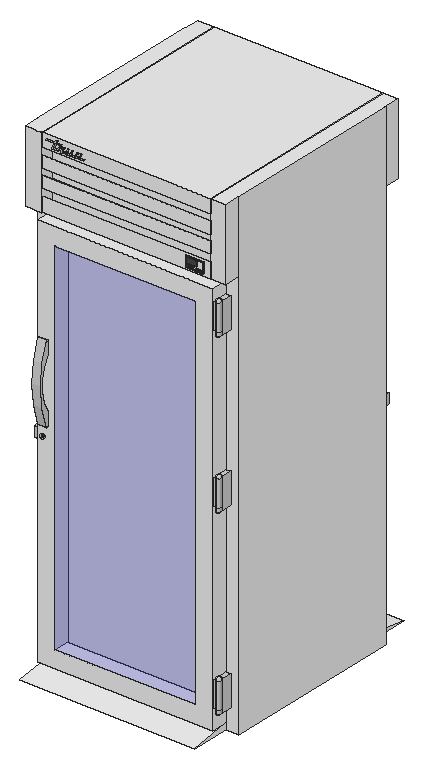
Revit family
Parameters
  Weight in Pounds = 0
  Watts = Volts * FL Amps  # 1023.5 W
  Volts = 115 V
  URL Cutsheet = "www.truemfg.com"
  URL = "www.truemfg.com"
  Type Mark [instance] = ""
  Type Comments = ""
  Status [instance] = ""
  Specification by User [instance] = ""
  Specification by Manufacturer = ""
  Show Logo [instance] = yes
  Show Clearance [instance] = yes
  Serial Number = ""
  Seismic Rating = ""
  SMACNA No = ""
  Revision Code [instance] = ""
  Phase = 1
  Omniclass Number and Title = ""
  Number of Poles [instance] = 1
  NAFEM Spec ID Number = ""
  Model = "STR1RRT-1G-1S"
  Min Ckt Ampacity = 0 A
  Max Overcurrent Protection = 0 A
  Masterspec = ""
  Manufacturer = "TRUE FOOD SERVICE EQUIPMENT, INC."
  Length = 35"
  Item Number [instance] = ""
  Installed By [instance] = ""
  Identify Quantity as Lot [instance] = yes
  Height = 83 3/4"
  HP = "1/3"
  Furnished By [instance] = ""
  Foodservice Equipment Identifier [instance] = yes
  FL Amps = 8.9 A
  Electrical Remarks [instance] = ""
  Electric Connection Type [instance] = ""
  Elec Conn RI Height [instance] = 0"
  Elec Conn Connection Height [instance] = 0"
  Description = "Roll-thru Glass Front/Solid Rear Swing Door Refrigerator"
  Depth = 37 1/2"
  Cycle = 60 Hz
  Conn Plug = "5-15P"
  Conn Conduit = yes
  CSI MasterFormat = ""
  CSI Master Format = ""
  Apparent Power = if(Phase = 3, Volts * FL Amps * 1.73, Volts * FL Amps)  # 1023.5 VA
Reference planes (in)
  plane 1 "BACK": y = 0
  plane 2: z = 0
  plane 3 "LEFT": x = 0
  plane 4 "RIGHT": x = 35
  plane 5 "FRONT": y = -37.5
  plane 6 "TOP": z = 83.75
  plane 7: x = 2.84375
  plane 8: y = -37.4542
  plane 9: x = 32.15625
  plane 10: y = -0.0458
  plane 11: y = -18.75
  plane 12: z = 69.90625
Forms (in)
  Extrusion 1, solid, material "QF_Finishes_Chrome - Satin"
    sketch origin (0.05, 0, 0) x (1, 0, 0) y (0, 1, 0)
      loop
        line (-0.05, -2.75) -> (-0.05, -34.75) -> (2.87859, -34.75) -> (2.87859, -2.75) -> (-0.05, -2.75)
    from 0 to 83.75
  Extrusion 2, solid, material "QF_Finishes_Chrome - Satin"
    sketch origin (50.15, 0, 0) x (1, 0, 0) y (0, 1, 0)
      loop
        line (-17.85, -2.75) -> (-17.85, -34.75) -> (-15.15, -34.75) -> (-15.15, -2.75) -> (-17.85, -2.75)
    from 0 to 83.75
  Extrusion 3, solid, material "QF_Finishes_Chrome - Satin"
    sketch origin (0, 0, 0) x (0, 1, 0) y (0, 0, 1)
      loop
        line (-37.4542, 71.28125) -> (-34.75, 71.28125) -> (-34.75, 0) -> (-2.75, 0) -> (-2.75, 71.28125) -> (-0.0458, 71.28125) -> (-0.0458, 73.81726) -> (-2.25, 72.25) -> (-2.25, 73.52557) -> (-0.0458, 75.09284) -> (-0.0458, 77.18904) -> (-2.25, 75.62178) -> (-2.25, 76.58254) -> (-0.0458, 78.1498) -> (-0.0458, 80.28351) -> (-2.25, 78.71625) -> (-2.25, 79.83852) -> (-0.0458, 81.40578) -> (-0.0458, 83.75) -> (-37.4542, 83.75) -> (-37.4542, 81.40578) -> (-35.25, 79.83852) -> (-35.25, 78.71625) -> (-37.4542, 80.28351) -> (-37.4542, 78.1498) -> (-35.25, 76.58254) -> (-35.25, 75.62178) -> (-37.4542, 77.18904) -> (-37.4542, 75.09284) -> (-35.25, 73.52557) -> (-35.25, 72.25) -> (-37.4542, 73.81726) -> (-37.4542, 71.28125)
    from 2.92859 to 32.3
  Extrusion 4, solid, material "QF_Finishes_Chrome - Satin"
    sketch origin (0, 0, 0) x (1, 0, 0) y (0, 1, 0)
      loop
        line (34.84782, -34.75) -> (32.3, -34.75) -> (32.3, -37.5) -> (34.84782, -37.5) -> (34.84782, -34.75)
      loop
        line (34.84782, -2.75) -> (34.84782, 0) -> (32.3, 0) -> (32.3, -2.75) -> (34.84782, -2.75)
    from 71.28125 to 83.75
  Extrusion 5, solid, material "QF_Finishes_Chrome - Satin"
    sketch origin (-50.125, 0, 0.25) x (1, 0, 0) y (0, 1, 0)
      loop
        line (53.05359, -34.75) -> (50.24109, -34.75) -> (50.24109, -37.5) -> (53.05359, -37.5) -> (53.05359, -34.75)
      loop
        line (53.05359, -2.75) -> (53.05359, 0) -> (50.24109, 0) -> (50.24109, -2.75) -> (53.05359, -2.75)
    from 71.03125 to 83.5
  Extrusion 6, solid, material "QF_Finishes_Handrails and Railings", visible <- "Show Logo"
    sketch origin (0.33478, -2.68623, 4.98732) x (1, 0, 0) y (0, 0, 1)
      loop
        line (3.46044, 78.08731) -> (3.35478, 77.86073) -> (4.76027, 77.86073)
        arc (4.76027, 77.86073) -> (4.78879, 77.81028) -> (4.76027, 77.75984) r 0.05887
        line (4.76027, 77.75984) -> (4.39369, 76.97372)
        arc (4.39369, 76.97372) -> (4.39051, 76.90091) -> (4.43975, 76.84717) r 0.09523
        line (4.43975, 76.84717) -> (5.33844, 76.84717)
        arc (5.33844, 76.84717) -> (5.45192, 76.88295) -> (5.52436, 76.97735) r 0.19785
        line (5.52436, 76.97735) -> (5.81285, 77.59601) -> (6.0779, 77.59601)
        arc (6.0779, 77.59601) -> (6.14744, 77.57043) -> (6.13737, 77.49703) r 0.05911
        line (6.13737, 77.49703) -> (5.89598, 76.97937)
        arc (5.89598, 76.97937) -> (5.89974, 76.8934) -> (5.97231, 76.84717) r 0.09318
        line (5.97231, 76.84717) -> (6.76198, 76.84717)
        arc (6.76198, 76.84717) -> (6.82249, 76.86919) -> (6.85468, 76.92495) r 0.09412
        arc (6.85468, 76.92495) -> (6.87746, 76.86995) -> (6.93246, 76.84717) r 0.07778
        line (6.93246, 76.84717) -> (7.43246, 76.84717)
        arc (7.43246, 76.84717) -> (7.49022, 76.86265) -> (7.53251, 76.90493) r 0.11552
        arc (7.53251, 76.90493) -> (7.55275, 76.85606) -> (7.60162, 76.83581) r 0.06912
        line (7.60162, 76.83581) -> (8.31225, 76.83581)
        arc (8.31225, 76.83581) -> (8.37034, 76.85988) -> (8.39441, 76.91797) r 0.08216
        arc (8.39441, 76.91797) -> (8.44767, 76.86472) -> (8.52042, 76.84522) r 0.14551
        line (8.52042, 76.84522) -> (9.85158, 76.84522) -> (9.99946, 77.10134) -> (8.65678, 77.10134)
        arc (8.65678, 77.10134) -> (8.61972, 77.12704) -> (8.61834, 77.17211) r 0.05009
        line (8.61834, 77.17211) -> (8.64157, 77.22192)
        arc (8.64157, 77.22192) -> (8.67723, 77.26864) -> (8.73327, 77.28635) r 0.09747
        line (8.73327, 77.28635) -> (9.16485, 77.28635)
        arc (9.16485, 77.28635) -> (9.258, 77.31131) -> (9.32619, 77.3795) r 0.1863
        line (9.32619, 77.3795) -> (9.45119, 77.59601)
        arc (9.45119, 77.59601) -> (9.45119, 77.71157) -> (9.35111, 77.76934) r 0.11556
        line (9.35111, 77.76934) -> (8.89562, 77.76934)
        arc (8.89562, 77.76934) -> (8.7795, 77.74962) -> (8.69849, 77.66412) r 0.18605
        line (8.69849, 77.66412) -> (8.48204, 77.19993)
        arc (8.48204, 77.19993) -> (8.41815, 77.11667) -> (8.31806, 77.08511) r 0.1745
        line (8.31806, 77.08511) -> (7.84559, 77.08511)
        arc (7.84559, 77.08511) -> (7.78903, 77.14684) -> (7.79268, 77.23048) r 0.10939
        line (7.79268, 77.23048) -> (8.04395, 77.76934) -> (7.88403, 77.76934) -> (7.61781, 77.19844)
        arc (7.61781, 77.19844) -> (7.56609, 77.13103) -> (7.48505, 77.10548) r 0.14128
        line (7.48505, 77.10548) -> (7.15925, 77.10548)
        arc (7.15925, 77.10548) -> (7.10419, 77.17723) -> (7.116, 77.26689) r 0.11816
        line (7.116, 77.26689) -> (7.3503, 77.76934) -> (7.18514, 77.76934) -> (6.91546, 77.191)
        arc (6.91546, 77.191) -> (6.85285, 77.12839) -> (6.76733, 77.10548) r 0.17104
        line (6.76733, 77.10548) -> (6.29555, 77.10548)
        arc (6.29555, 77.10548) -> (6.21082, 77.14499) -> (6.20267, 77.23813) r 0.0935
        line (6.20267, 77.23813) -> (6.35774, 77.57069) -> (6.57695, 77.57069)
        arc (6.57695, 77.57069) -> (6.61395, 77.68217) -> (6.69267, 77.76934) r 0.2857
        line (6.69267, 77.76934) -> (5.83605, 77.76934)
        arc (5.83605, 77.76934) -> (5.74086, 77.74824) -> (5.67498, 77.67635) r 0.16212
        line (5.67498, 77.67635) -> (5.44279, 77.17841)
        arc (5.44279, 77.17841) -> (5.3894, 77.12502) -> (5.31647, 77.10548) r 0.14586
        line (5.31647, 77.10548) -> (4.80506, 77.10548)
        arc (4.80506, 77.10548) -> (4.76514, 77.15942) -> (4.77274, 77.22609) r 0.09155
        line (4.77274, 77.22609) -> (5.11018, 77.86073) -> (5.96155, 77.86073) -> (6.06721, 78.08731) -> (5.21584, 78.08731) -> (5.32149, 78.31388) -> (5.01862, 78.31388) -> (4.91297, 78.08731) -> (3.46044, 78.08731)
      loop
        arc (8.83805, 77.56363) -> (8.80119, 77.55375) -> (8.7742, 77.52676) r 0.07373
        line (8.7742, 77.52676) -> (8.75229, 77.45936)
        arc (8.75229, 77.45936) -> (8.76245, 77.43483) -> (8.78699, 77.42466) r 0.0347
        line (8.78699, 77.42466) -> (9.15948, 77.42466)
        arc (9.15948, 77.42466) -> (9.18632, 77.43061) -> (9.20812, 77.44734) r 0.0635
        line (9.20812, 77.44734) -> (9.22624, 77.53122)
        arc (9.22624, 77.53122) -> (9.22091, 77.55368) -> (9.20009, 77.56363) r 0.02676
        line (9.20009, 77.56363) -> (8.83805, 77.56363)
    from 34.76797 to 34.83173
  Extrusion 7, solid, material "QF_Finishes_White"
    sketch origin (-22.74812, -2.7042, -7.97497) x (1, 0, 0) y (0, 0, 1)
      loop
        line (50.81732, 81.35727) -> (50.81732, 79.60996) -> (53.72357, 79.60996) -> (53.72357, 81.35727) -> (50.81732, 81.35727)
    from 34.75 to 34.76797
  Extrusion 8, solid, material "QF_Finishes_Black"
    sketch origin (-22.74812, -2.7042, -7.97497) x (1, 0, 0) y (0, 0, 1)
      loop
        line (53.78607, 81.41977) -> (50.75482, 81.41977) -> (50.75482, 79.54746) -> (53.78607, 79.54746) -> (53.78607, 81.41977)
      loop
        spline (50.95482, 79.87872) -> (50.96333, 79.86254) -> (50.98831, 79.84747) -> (51.02804, 79.83452) -> (51.07982, 79.82459) -> (51.14011, 79.81835) -> (51.20482, 79.81622) -> (51.26952, 79.81835) -> (51.32982, 79.82459) -> (51.38159, 79.83452) -> (51.42132, 79.84747) -> (51.4463, 79.86254) -> (51.45482, 79.87872)
        spline (51.45482, 79.87872) -> (51.4463, 79.89489) -> (51.42132, 79.90997) -> (51.38159, 79.92291) -> (51.32982, 79.93284) -> (51.26952, 79.93909) -> (51.20482, 79.94122) -> (51.14011, 79.93909) -> (51.07982, 79.93284) -> (51.02804, 79.92291) -> (50.98831, 79.90997) -> (50.96333, 79.89489) -> (50.95482, 79.87872)
      loop
        spline (51.65083, 79.87872) -> (51.65935, 79.86254) -> (51.68432, 79.84747) -> (51.72405, 79.83452) -> (51.77583, 79.82459) -> (51.83612, 79.81835) -> (51.90083, 79.81622) -> (51.96553, 79.81835) -> (52.02583, 79.82459) -> (52.07761, 79.83452) -> (52.11734, 79.84747) -> (52.14231, 79.86254) -> (52.15083, 79.87872)
        spline (52.15083, 79.87872) -> (52.14231, 79.89489) -> (52.11734, 79.90997) -> (52.07761, 79.92291) -> (52.02583, 79.93284) -> (51.96553, 79.93909) -> (51.90083, 79.94122) -> (51.83612, 79.93909) -> (51.77583, 79.93284) -> (51.72405, 79.92291) -> (51.68432, 79.90997) -> (51.65935, 79.89489) -> (51.65083, 79.87872)
      loop
        spline (52.40083, 79.87872) -> (52.40935, 79.86254) -> (52.43432, 79.84747) -> (52.47405, 79.83452) -> (52.52583, 79.82459) -> (52.58612, 79.81835) -> (52.65083, 79.81622) -> (52.71553, 79.81835) -> (52.77583, 79.82459) -> (52.82761, 79.83452) -> (52.86734, 79.84747) -> (52.89231, 79.86254) -> (52.90083, 79.87872)
        spline (52.90083, 79.87872) -> (52.89231, 79.89489) -> (52.86734, 79.90997) -> (52.82761, 79.92291) -> (52.77583, 79.93284) -> (52.71553, 79.93909) -> (52.65083, 79.94122) -> (52.58612, 79.93909) -> (52.52583, 79.93284) -> (52.47405, 79.92291) -> (52.43432, 79.90997) -> (52.40935, 79.89489) -> (52.40083, 79.87872)
      loop
        line (50.95481, 81.21978) -> (50.95481, 80.21978) -> (52.65433, 80.21978) -> (52.65433, 81.21978) -> (50.95481, 81.21978)
      loop
        line (53.72357, 81.35727) -> (50.81732, 81.35727) -> (50.81732, 79.60996) -> (53.72357, 79.60996) -> (53.72357, 81.35727)
      loop
        spline (53.15083, 79.87872) -> (53.15935, 79.86254) -> (53.18432, 79.84747) -> (53.22405, 79.83452) -> (53.27583, 79.82459) -> (53.33612, 79.81835) -> (53.40083, 79.81622) -> (53.46553, 79.81835) -> (53.52583, 79.82459) -> (53.57761, 79.83452) -> (53.61734, 79.84747) -> (53.64231, 79.86254) -> (53.65083, 79.87872)
        spline (53.65083, 79.87872) -> (53.64231, 79.89489) -> (53.61734, 79.90997) -> (53.57761, 79.92291) -> (53.52583, 79.93284) -> (53.46553, 79.93909) -> (53.40083, 79.94122) -> (53.33612, 79.93909) -> (53.27583, 79.93284) -> (53.22405, 79.92291) -> (53.18432, 79.90997) -> (53.15935, 79.89489) -> (53.15083, 79.87872)
    from 34.76797 to 34.80335
  Extrusion 9, solid
    sketch origin (-25.125, 0, 0) x (1, 0, 0) y (0, 0, 1)
      loop
        circle (56.875, 81.625) r 0.25
    from 0 to 0.0625
  Extrusion 10, solid, material "QF_Finishes_Handrails and Railings"
    sketch origin (33.78125, 0, 3.75) x (0, 1, 0) y (0, 0, -1)
      loop
        line (-34.75, -64.17729) -> (-34.75, -58.86127) -> (-37, -58.86127) -> (-37, -59.57348) -> (-36.56497, -59.57348) -> (-36.56497, -63.97276)
        arc (-36.56497, -63.97276) -> (-36.50506, -64.11738) -> (-36.36044, -64.17729) r 0.20453
        line (-36.36044, -64.17729) -> (-34.75, -64.17729)
    from 0.17506 to 1
  Revolve 11, solid, material "QF_Finishes_Handrails and Railings"
    sketch origin (33.28125, 0, 3.75) x (0, 1, 0) y (0, 0, -1)
      loop
        line (-37.01563, -59.62689) -> (-37.42229, -59.62689) -> (-37.42229, -64.0986)
        arc (-37.42229, -64.0986) -> (-37.28722, -64.35057) -> (-37.01563, -64.43983) r 0.3848
        line (-37.01563, -64.43983) -> (-37.01563, -59.62689)
      loop
        line (-37.01563, -59.57348) -> (-37.01563, -58.67281)
        arc (-37.01563, -58.67281) -> (-37.28264, -58.75883) -> (-37.42229, -59.00212) r 0.38884
        line (-37.42229, -59.00212) -> (-37.42229, -59.57348) -> (-37.01563, -59.57348)
      axis (-37.01563, -58.67281) -> (-37.01563, -64.43983)
    angle from 0 to 360
  Extrusion 12, solid, material "QF_Finishes_Handrails and Railings"
    sketch origin (27.5, -3.82734, 3.7511) x (-1, 0, 0) y (0, 0, -1)
      loop
        line (-5.58509, -64.0986) -> (-5.1875, -64.0986) -> (-5.1875, -59.62579) -> (-5.58509, -59.62579) -> (-5.58509, -64.0986)
    from 32.81497 to 33.59495
  Extrusion 13, solid, material "QF_Finishes_Handrails and Railings"
    sketch origin (33.78125, 0, -24) x (0, 1, 0) y (0, 0, -1)
      loop
        line (-34.75, -64.55229) -> (-34.75, -59.23627) -> (-37, -59.23627) -> (-37, -59.94848) -> (-36.56497, -59.94848) -> (-36.56497, -64.34776)
        arc (-36.56497, -64.34776) -> (-36.50506, -64.49238) -> (-36.36044, -64.55229) r 0.20453
        line (-36.36044, -64.55229) -> (-34.75, -64.55229)
    from 0.17506 to 1
  Revolve 14, solid, material "QF_Finishes_Handrails and Railings"
    sketch origin (33.28125, 0, -24) x (0, 1, 0) y (0, 0, -1)
      loop
        line (-37.01563, -60.00189) -> (-37.42229, -60.00189) -> (-37.42229, -64.4736)
        arc (-37.42229, -64.4736) -> (-37.28722, -64.72557) -> (-37.01563, -64.81483) r 0.3848
        line (-37.01563, -64.81483) -> (-37.01563, -60.00189)
      loop
        line (-37.01563, -59.94848) -> (-37.01563, -59.04781)
        arc (-37.01563, -59.04781) -> (-37.28264, -59.13383) -> (-37.42229, -59.37712) r 0.38884
        line (-37.42229, -59.37712) -> (-37.42229, -59.94848) -> (-37.01563, -59.94848)
      axis (-37.01563, -59.04781) -> (-37.01563, -64.81483)
    angle from 0 to 360
  Extrusion 15, solid, material "QF_Finishes_Handrails and Railings"
    sketch origin (27.5, -3.82734, -23.9989) x (-1, 0, 0) y (0, 0, -1)
      loop
        line (-5.58509, -64.4736) -> (-5.1875, -64.4736) -> (-5.1875, -60.00079) -> (-5.58509, -60.00079) -> (-5.58509, -64.4736)
    from 32.81497 to 33.59495
  Extrusion 16, solid, material "QF_Finishes_Handrails and Railings"
    sketch origin (33.78125, 0, -55.5) x (0, 1, 0) y (0, 0, -1)
      loop
        line (-34.75, -64.55229) -> (-34.75, -59.23627) -> (-37, -59.23627) -> (-37, -59.94848) -> (-36.56497, -59.94848) -> (-36.56497, -64.34776)
        arc (-36.56497, -64.34776) -> (-36.50506, -64.49238) -> (-36.36044, -64.55229) r 0.20453
        line (-36.36044, -64.55229) -> (-34.75, -64.55229)
    from 0.17506 to 1
  Revolve 17, solid, material "QF_Finishes_Handrails and Railings"
    sketch origin (33.28125, 0, -55.5) x (0, 1, 0) y (0, 0, -1)
      loop
        line (-37.01563, -60.00189) -> (-37.42229, -60.00189) -> (-37.42229, -64.4736)
        arc (-37.42229, -64.4736) -> (-37.28722, -64.72557) -> (-37.01563, -64.81483) r 0.3848
        line (-37.01563, -64.81483) -> (-37.01563, -60.00189)
      loop
        line (-37.01563, -59.94848) -> (-37.01563, -59.04781)
        arc (-37.01563, -59.04781) -> (-37.28264, -59.13383) -> (-37.42229, -59.37712) r 0.38884
        line (-37.42229, -59.37712) -> (-37.42229, -59.94848) -> (-37.01563, -59.94848)
      axis (-37.01563, -59.04781) -> (-37.01563, -64.81483)
    angle from 0 to 360
  Extrusion 18, solid, material "QF_Finishes_Handrails and Railings"
    sketch origin (27.5, -3.82734, -55.4989) x (-1, 0, 0) y (0, 0, -1)
      loop
        line (-5.58509, -64.4736) -> (-5.1875, -64.4736) -> (-5.1875, -60.00079) -> (-5.58509, -60.00079) -> (-5.58509, -64.4736)
    from 32.81497 to 33.59495
  Extrusion 19, solid, material "QF_Finishes_Door Clearance", visible <- "Show Clearance", detail levels coarse
    sketch origin (26.42841, -3.6098, 0) x (1, 0, 0) y (0, 1, 0)
      loop
        line (6.32159, -33.8902) -> (-24.14716, -33.8902)
        arc (-24.14716, -33.8902) -> (-15.22307, -55.43486) -> (6.32159, -64.35895) r 30.46875
        line (6.32159, -64.35895) -> (6.32159, -33.8902)
    from 1 to 69.90625
  Extrusion 20, solid, material "QF_Finishes_Chrome - Satin"
    sketch origin (32.6875, -3.75, 8.03125) x (0, 0, 1) y (0, -1, 0)
      loop
        line (-8.03125, 37.6875) -> (-8.03125, 31) -> (-7.03125, 31) -> (-8.03125, 37.6875)
    from 0 to -30.40625
  Extrusion 21, solid, material "QF_Finishes_Chrome - Satin"
    sketch origin (59.96875, -33.75, -0.71875) x (-1, 0, 0) y (0, 0, 1)
      loop
        line (27.25, 1.71875) -> (57.65625, 1.71875) -> (57.65625, 70.625) -> (27.25, 70.625) -> (27.25, 1.71875)
    from 31 to 33.75
  Extrusion 22, solid, material "QF_Finishes_Handrails and Railings"
    sketch origin (-23.625, -37.25, 24.93519) x (-1, 0, 0) y (0, -1, 0)
      loop
        line (-53.875, -37.25) -> (-53.875, -37.45)
        arc (-53.875, -37.45) -> (-47.075, -38.65628) -> (-40.275, -37.45) r 19.76948
        line (-40.275, -37.45) -> (-40.275, -37.25) -> (-42.675, -37.25)
        arc (-42.675, -37.25) -> (-47.075, -38.40816) -> (-51.475, -37.25) r 8.93715
        line (-51.475, -37.25) -> (-53.875, -37.25)
    from 10.87731 to 12.37731
  Extrusion 23, solid, material "QF_Finishes_Handrails and Railings"
    sketch origin (58.375, -33.66533, -3.5) x (-1, 0, 0) y (0, 0, 1)
      loop
        circle (26.4375, 40.0625) r 0.35
      loop
        line (26.47265, 40.33635) -> (26.41715, 40.33635) -> (26.41715, 39.76895) -> (26.47265, 39.76895) -> (26.47265, 40.33635)
    from 33.5 to 33.83066
  Blend 24, solid, material "QF_Finishes_Handrails and Railings"
    base sketch origin (7.46875, -33.75, -1.5) x (1, 0, 0) y (0, 0, -1)
      loop
        line (25.25, -38.99169) -> (26, -38.99169) -> (26, -37.24169) -> (25.25, -37.24169) -> (25.25, -38.99169)
    top sketch origin (7.46875, -37.5, -1.5) x (1, 0, 0) y (0, 0, -1)
      loop
        line (26.18223, -36.6441) -> (25.25, -36.6441) -> (25.25, -39.42643) -> (26.18223, -39.42643) -> (26.18223, -36.6441)
    from 33.57883 to 34.75
  Extrusion 25, solid, material "QF_Finishes_Handrails and Railings"
    sketch origin (1.21875, -37.5, 3.75) x (0, -1, 0) y (0, 0, -1)
      loop
        line (-34.75, -64.17729) -> (-34.75, -58.86127) -> (-37, -58.86127) -> (-37, -59.57348) -> (-36.56497, -59.57348) -> (-36.56497, -63.97276)
        arc (-36.56497, -63.97276) -> (-36.50506, -64.11738) -> (-36.36044, -64.17729) r 0.20453
        line (-36.36044, -64.17729) -> (-34.75, -64.17729)
    from 0.17506 to 1
  Revolve 26, solid, material "QF_Finishes_Handrails and Railings"
    sketch origin (1.71875, -37.5, 3.75) x (0, -1, 0) y (0, 0, -1)
      loop
        line (-37.01563, -59.62689) -> (-37.42229, -59.62689) -> (-37.42229, -64.0986)
        arc (-37.42229, -64.0986) -> (-37.28722, -64.35057) -> (-37.01563, -64.43983) r 0.3848
        line (-37.01563, -64.43983) -> (-37.01563, -59.62689)
      loop
        line (-37.01563, -59.57348) -> (-37.01563, -58.67281)
        arc (-37.01563, -58.67281) -> (-37.28264, -58.75883) -> (-37.42229, -59.00212) r 0.38884
        line (-37.42229, -59.00212) -> (-37.42229, -59.57348) -> (-37.01563, -59.57348)
      axis (-37.01563, -58.67281) -> (-37.01563, -64.43983)
    angle from 0 to 360
  Extrusion 27, solid, material "QF_Finishes_Handrails and Railings"
    sketch origin (7.5, -33.67266, 3.7511) x (1, 0, 0) y (0, 0, -1)
      loop
        line (-5.58509, -64.0986) -> (-5.1875, -64.0986) -> (-5.1875, -59.62579) -> (-5.58509, -59.62579) -> (-5.58509, -64.0986)
    from 32.81497 to 33.59495
  Extrusion 28, solid, material "QF_Finishes_Handrails and Railings"
    sketch origin (1.21875, -37.5, -24) x (0, -1, 0) y (0, 0, -1)
      loop
        line (-34.75, -64.55229) -> (-34.75, -59.23627) -> (-37, -59.23627) -> (-37, -59.94848) -> (-36.56497, -59.94848) -> (-36.56497, -64.34776)
        arc (-36.56497, -64.34776) -> (-36.50506, -64.49238) -> (-36.36044, -64.55229) r 0.20453
        line (-36.36044, -64.55229) -> (-34.75, -64.55229)
    from 0.17506 to 1
  Revolve 29, solid, material "QF_Finishes_Handrails and Railings"
    sketch origin (1.71875, -37.5, -24) x (0, -1, 0) y (0, 0, -1)
      loop
        line (-37.01563, -60.00189) -> (-37.42229, -60.00189) -> (-37.42229, -64.4736)
        arc (-37.42229, -64.4736) -> (-37.28722, -64.72557) -> (-37.01563, -64.81483) r 0.3848
        line (-37.01563, -64.81483) -> (-37.01563, -60.00189)
      loop
        line (-37.01563, -59.94848) -> (-37.01563, -59.04781)
        arc (-37.01563, -59.04781) -> (-37.28264, -59.13383) -> (-37.42229, -59.37712) r 0.38884
        line (-37.42229, -59.37712) -> (-37.42229, -59.94848) -> (-37.01563, -59.94848)
      axis (-37.01563, -59.04781) -> (-37.01563, -64.81483)
    angle from 0 to 360
  Extrusion 30, solid, material "QF_Finishes_Handrails and Railings"
    sketch origin (7.5, -33.67266, -23.9989) x (1, 0, 0) y (0, 0, -1)
      loop
        line (-5.58509, -64.4736) -> (-5.1875, -64.4736) -> (-5.1875, -60.00079) -> (-5.58509, -60.00079) -> (-5.58509, -64.4736)
    from 32.81497 to 33.59495
  Extrusion 31, solid, material "QF_Finishes_Handrails and Railings"
    sketch origin (1.21875, -37.5, -55.5) x (0, -1, 0) y (0, 0, -1)
      loop
        line (-34.75, -64.55229) -> (-34.75, -59.23627) -> (-37, -59.23627) -> (-37, -59.94848) -> (-36.56497, -59.94848) -> (-36.56497, -64.34776)
        arc (-36.56497, -64.34776) -> (-36.50506, -64.49238) -> (-36.36044, -64.55229) r 0.20453
        line (-36.36044, -64.55229) -> (-34.75, -64.55229)
    from 0.17506 to 1
  Revolve 32, solid, material "QF_Finishes_Handrails and Railings"
    sketch origin (1.71875, -37.5, -55.5) x (0, -1, 0) y (0, 0, -1)
      loop
        line (-37.01563, -60.00189) -> (-37.42229, -60.00189) -> (-37.42229, -64.4736)
        arc (-37.42229, -64.4736) -> (-37.28722, -64.72557) -> (-37.01563, -64.81483) r 0.3848
        line (-37.01563, -64.81483) -> (-37.01563, -60.00189)
      loop
        line (-37.01563, -59.94848) -> (-37.01563, -59.04781)
        arc (-37.01563, -59.04781) -> (-37.28264, -59.13383) -> (-37.42229, -59.37712) r 0.38884
        line (-37.42229, -59.37712) -> (-37.42229, -59.94848) -> (-37.01563, -59.94848)
      axis (-37.01563, -59.04781) -> (-37.01563, -64.81483)
    angle from 0 to 360
  Extrusion 33, solid, material "QF_Finishes_Handrails and Railings"
    sketch origin (7.5, -33.67266, -55.4989) x (1, 0, 0) y (0, 0, -1)
      loop
        line (-5.58509, -64.4736) -> (-5.1875, -64.4736) -> (-5.1875, -60.00079) -> (-5.58509, -60.00079) -> (-5.58509, -64.4736)
    from 32.81497 to 33.59495
  Extrusion 34, solid, material "QF_Finishes_Door Clearance", visible <- "Show Clearance", detail levels coarse
    sketch origin (8.57159, -33.8902, 0) x (-1, 0, 0) y (0, -1, 0)
      loop
        line (6.32159, -33.8902) -> (-24.14716, -33.8902)
        arc (-24.14716, -33.8902) -> (-15.22307, -55.43486) -> (6.32159, -64.35895) r 30.46875
        line (6.32159, -64.35895) -> (6.32159, -33.8902)
    from 1 to 69.90625
  Extrusion 35, solid, material "QF_Finishes_Chrome - Satin"
    sketch origin (2.3125, -33.75, 8.03125) x (0, 0, 1) y (0, 1, 0)
      loop
        line (-8.03125, 37.6875) -> (-8.03125, 31) -> (-7.03125, 31) -> (-8.03125, 37.6875)
    from 0 to -30.40625
  Extrusion 36, solid, material "QF_Finishes_Chrome - Satin"
    sketch origin (-24.96875, -3.75, -0.71875) x (1, 0, 0) y (0, 0, 1)
      loop
        line (27.25, 1.71875) -> (57.65625, 1.71875) -> (57.65625, 70.625) -> (27.25, 70.625) -> (27.25, 1.71875)
      loop
        line (30.25, 67.625) -> (30.25, 4.71875) -> (54.65625, 4.71875) -> (54.65625, 67.625) -> (30.25, 67.625)
    from 31 to 33.75
  Extrusion 37, solid, material "QF_Finishes_Handrails and Railings"
    sketch origin (-8.46528, -0.25, 92.11162) x (0, 1, 0) y (0, 0, 1)
      loop
        line (-37.25, -53.875) -> (-37.25, -51.475)
        arc (-37.25, -51.475) -> (-38.40816, -47.075) -> (-37.25, -42.675) r 8.93713
        line (-37.25, -42.675) -> (-37.25, -40.275) -> (-37.45, -40.275)
        arc (-37.45, -40.275) -> (-38.65633, -47.075) -> (-37.45, -53.875) r 19.7687
        line (-37.45, -53.875) -> (-37.25, -53.875)
    from 10.87731 to 12.37731
  Extrusion 38, solid, material "QF_Finishes_Handrails and Railings"
    sketch origin (-23.3125, -3.83467, -3.5) x (1, 0, 0) y (0, 0, 1)
      loop
        circle (26.4375, 40.0625) r 0.35
      loop
        line (26.47265, 40.33635) -> (26.41715, 40.33635) -> (26.41715, 39.76895) -> (26.47265, 39.76895) -> (26.47265, 40.33635)
    from 33.5 to 33.83066
  Blend 39, solid, material "QF_Finishes_Handrails and Railings"
    base sketch origin (27.53125, -3.75, -1.5) x (-1, 0, 0) y (0, 0, -1)
      loop
        line (25.25, -38.99169) -> (26, -38.99169) -> (26, -37.24169) -> (25.25, -37.24169) -> (25.25, -38.99169)
    top sketch origin (27.53125, 0, -1.5) x (-1, 0, 0) y (0, 0, -1)
      loop
        line (26.18223, -36.6441) -> (25.25, -36.6441) -> (25.25, -39.42643) -> (26.18223, -39.42643) -> (26.18223, -36.6441)
    from 33.57883 to 34.75
  Extrusion 40, solid, material "Glass"
    sketch origin (-24.96875, -3.75, -0.71875) x (1, 0, 0) y (0, 0, 1)
      loop
        line (30.25, 67.625) -> (30.25, 4.71875) -> (54.65625, 4.71875) -> (54.65625, 67.625) -> (30.25, 67.625)
    from 31 to 33.75
Cuts and joins
  joined: Extrusion 1, Extrusion 2, Extrusion 4, Extrusion 5
Lines and regions (in)
  symbolic lines
    curve 1: line (0, 0, 0) -> (35, 0, 0)
    curve 2: line (0, -37.5, 0) -> (0, 0, 0)
    curve 3: line (35, -37.5, 0) -> (0, -37.5, 0)
    curve 4: line (35, 0, 0) -> (35, -37.5, 0)
    curve 5: line (35, -35.25, 0) -> (0, -35.25, 0)
    curve 10: line (16.65, 0.2, 0) -> (16.65, 0, 0)
    curve 11: line (30.25, 0, 0) -> (30.25, 0.2, 0)
    curve 12: arc (19.05, 0, 0) -> (23.45, 1.15816, 0) -> (27.85, 0, 0) r 8.93715
    curve 13: arc (30.25, 0.2, 0) -> (23.45, 1.40628, 0) -> (16.65, 0.2, 0) r 19.76948
    curve 14: line (35, -2.25, 0) -> (0, -2.25, 0)
    curve 15: line (3.91203, -38.90633, 0) -> (3.91203, -37.5, 0)
    curve 16: line (3.91203, -38.90633, 0) -> (2.41203, -38.90633, 0)
    curve 17: line (2.41203, -37.5, 0) -> (2.41203, -38.90633, 0)
    curve 18: line (2.41203, -37.7, 0) -> (3.91203, -37.7, 0)
  symbolic lines, style "QF-Door Swings", visible <- "Show Clearance", detail levels coarse
    curve 6: line (32.75, -37.5, 0) -> (32.75, -67.96875, 0)
    curve 7: arc (32.75, -67.96875, 0) -> (11.20534, -59.04466, 0) -> (2.28125, -37.5, 0) r 30.46875
    curve 8: line (2.25, 0, 0) -> (2.25, 30.46875, 0)
    curve 9: arc (2.25, 30.46875, 0) -> (23.79466, 21.54466, 0) -> (32.71875, 0, 0) r 30.46875
Dimensions and locks (in)
  "Depth": plane 5 "FRONT" to plane 1 "BACK"
  plane 6 "TOP" to level = 83 3/4"  (x2)
  "Length": plane 3 "LEFT" to plane 4 "RIGHT"
  plane 4 "RIGHT" to plane 3 "LEFT" = 35"
  plane 5 "FRONT" to plane 1 "BACK" = 37 1/2"
  Extrusion 21 sketch curve to Extrusion 21 sketch curve = 30 13/32"
  plane 12 to level = 69 29/32"
  Extrusion 36 sketch curve to Extrusion 36 sketch curve = 30 13/32"
  aligned and locked: level to plane 2
Automatic sketch dimensions
  Extrusion 35 sketch curve to Extrusion 21 = 0"
  Extrusion 35 sketch curve to Extrusion 35 sketch curve = 1"
  Extrusion 35 sketch curve to Extrusion 21 = 3 15/16"
  Extrusion 1 sketch curve to plane 3 "LEFT" = 0"
  plane 1 "BACK" to Extrusion 1 sketch curve = 2 3/4"
  plane 7 to Extrusion 1 sketch curve = 0.08484"
  Extrusion 1 sketch curve to plane 5 "FRONT" = 2 3/4"
  plane 1 "BACK" to Extrusion 2 sketch curve = 2 3/4"
  Extrusion 2 sketch curve to plane 4 "RIGHT" = 0"
  Extrusion 2 sketch curve to plane 9 = 0.14375"
  Extrusion 2 sketch curve to plane 5 "FRONT" = 2 3/4"
  Extrusion 3 sketch curve to plane 8 = 0"  (x4)
  Extrusion 3 sketch curve to level = 0"
  Extrusion 3 sketch curve to plane 10 = 0"  (x4)
  Extrusion 3 sketch curve to plane 6 "TOP" = 0"
  plane 8 to Extrusion 3 sketch curve = 2.2042"
  Extrusion 3 sketch curve to Extrusion 3 sketch curve = 0"  (x3)
  plane 8 to Extrusion 3 sketch curve = 2.7042"
  Extrusion 3 sketch curve to Extrusion 3 sketch curve = 2.7042"
  plane 10 to Extrusion 3 sketch curve = 2.2042"
  Extrusion 3 sketch curve to Extrusion 3 sketch curve = 1/2"
  Extrusion 3 sketch curve to plane 6 "TOP" = 12 15/32"  (x2)
  Extrusion 3 sketch curve to Extrusion 3 sketch curve = 31/32"  (x2)
  Extrusion 3 sketch curve to Extrusion 3 sketch curve = 1.27557"  (x4)
  Extrusion 3 sketch curve to Extrusion 3 sketch curve = 0.29169"  (x2)
  Extrusion 3 sketch curve to Extrusion 3 sketch curve = 2.0962"  (x4)
  Extrusion 3 sketch curve to Extrusion 3 sketch curve = 0.96076"  (x4)
  Extrusion 3 sketch curve to Extrusion 3 sketch curve = 2.13371"  (x4)
  Extrusion 3 sketch curve to Extrusion 3 sketch curve = 1.12227"  (x4)
  plane 7 to Extrusion 6 sketch curve = 0.84582"
  Extrusion 6 sketch curve to Extrusion 6 sketch curve = 0.10565"  (x5)
  Extrusion 6 sketch curve to Extrusion 6 sketch curve = 1.03891"
  Extrusion 6 sketch curve to Extrusion 6 sketch curve = 0.04606"
  Extrusion 6 sketch curve to Extrusion 6 sketch curve = 0.08631"
  Extrusion 6 sketch curve to Extrusion 6 sketch curve = 0.33624"
  Extrusion 6 sketch curve to Extrusion 6 sketch curve = 0.03034"  (x2)
  Extrusion 6 sketch curve to Extrusion 6 sketch curve = 0.29274"
  Extrusion 6 sketch curve to Extrusion 6 sketch curve = 0.03232"
  Extrusion 6 sketch curve to Extrusion 6 sketch curve = 0.04851"
  Extrusion 6 sketch curve to plane 6 "TOP" = 0.67537"
  Extrusion 6 sketch curve to Extrusion 6 sketch curve = 0.1527"
  Extrusion 6 sketch curve to plane 6 "TOP" = 0.4488"
  Extrusion 6 sketch curve to Extrusion 6 sketch curve = 0.19721"
  Extrusion 6 sketch curve to Extrusion 6 sketch curve = 0.4629"
  Extrusion 6 sketch curve to Extrusion 6 sketch curve = 0.02197"
  Extrusion 6 sketch curve to Extrusion 6 sketch curve = 0.12632"
  Extrusion 6 sketch curve to Extrusion 6 sketch curve = 0.18591"
  Extrusion 6 sketch curve to plane 6 "TOP" = 1.08633"
  Extrusion 6 sketch curve to Extrusion 6 sketch curve = 0.2322"
  Extrusion 6 sketch curve to Extrusion 6 sketch curve = 0.13786"
  Extrusion 6 sketch curve to Extrusion 6 sketch curve = 0.00907"
  Extrusion 6 sketch curve to Extrusion 6 sketch curve = 0.01413"
  Extrusion 6 sketch curve to Extrusion 6 sketch curve = 0.37162"
  Extrusion 6 sketch curve to plane 6 "TOP" = 0.90195"
  Extrusion 6 sketch curve to Extrusion 6 sketch curve = 0.12551"
  Extrusion 6 sketch curve to Extrusion 6 sketch curve = 0.07633"
  Extrusion 6 sketch curve to Extrusion 6 sketch curve = 0.08445"
  Extrusion 6 sketch curve to Extrusion 6 sketch curve = 0.25598"
  Extrusion 6 sketch curve to Extrusion 6 sketch curve = 0.01887"
  Extrusion 6 sketch curve to Extrusion 6 sketch curve = 0.04061"
  Extrusion 6 sketch curve to plane 6 "TOP" = 1.52455"
  Extrusion 6 sketch curve to Extrusion 6 sketch curve = 0.0653"
  Extrusion 6 sketch curve to Extrusion 6 sketch curve = 0.08474"
  Extrusion 6 sketch curve to Extrusion 6 sketch curve = 0.00815"
  Extrusion 6 sketch curve to Extrusion 6 sketch curve = 0.22037"
  Extrusion 6 sketch curve to Extrusion 6 sketch curve = 0.21921"
  Extrusion 6 sketch curve to Extrusion 6 sketch curve = 0.11572"
  Extrusion 6 sketch curve to Extrusion 6 sketch curve = 0.46643"
  Extrusion 6 sketch curve to Extrusion 6 sketch curve = 0.00535"
  Extrusion 6 sketch curve to Extrusion 6 sketch curve = 0.09269"
  Extrusion 6 sketch curve to Extrusion 6 sketch curve = 0.09348"
  Extrusion 6 sketch curve to Extrusion 6 sketch curve = 0.14812"
  Extrusion 6 sketch curve to Extrusion 6 sketch curve = 0.07778"
  Extrusion 6 sketch curve to Extrusion 6 sketch curve = 0.20054"
  Extrusion 6 sketch curve to Extrusion 6 sketch curve = 0.04325"
  Extrusion 6 sketch curve to plane 6 "TOP" = 0.99334"  (x2)
  Extrusion 6 sketch curve to Extrusion 6 sketch curve = 0.32433"
  Extrusion 6 sketch curve to Extrusion 6 sketch curve = 0.10233"  (x2)
  Extrusion 6 sketch curve to Extrusion 6 sketch curve = 0.16515"
  Extrusion 6 sketch curve to Extrusion 6 sketch curve = 0.27321"
  Extrusion 6 sketch curve to Extrusion 6 sketch curve = 0.0526"
  Extrusion 6 sketch curve to Extrusion 6 sketch curve = 0.10005"
  Extrusion 6 sketch curve to Extrusion 6 sketch curve = 0.06912"
  Extrusion 6 sketch curve to Extrusion 6 sketch curve = 0.13276"
  Extrusion 6 sketch curve to plane 6 "TOP" = 1.5322"
  Extrusion 6 sketch curve to Extrusion 6 sketch curve = 0.17486"
  Extrusion 6 sketch curve to Extrusion 6 sketch curve = 0.05291"
  Extrusion 6 sketch curve to Extrusion 6 sketch curve = 0.53374"
  Extrusion 6 sketch curve to Extrusion 6 sketch curve = 0.09914"
  Extrusion 6 sketch curve to Extrusion 6 sketch curve = 0.15992"
  Extrusion 6 sketch curve to Extrusion 6 sketch curve = 0.46666"
  Extrusion 6 sketch curve to Extrusion 6 sketch curve = 0.00582"
  Extrusion 6 sketch curve to Extrusion 6 sketch curve = 0.08216"
  Extrusion 6 sketch curve to Extrusion 6 sketch curve = 0.16397"
  Extrusion 6 sketch curve to Extrusion 6 sketch curve = 0.12601"
  Extrusion 6 sketch curve to plane 6 "TOP" = 1.59057"
  Extrusion 6 sketch curve to Extrusion 6 sketch curve = 0.1363"
  Extrusion 6 sketch curve to plane 6 "TOP" = 1.54076"
  Extrusion 6 sketch curve to Extrusion 6 sketch curve = 0.02323"
  Extrusion 6 sketch curve to Extrusion 6 sketch curve = 0.03844"
  Extrusion 6 sketch curve to Extrusion 6 sketch curve = 0.0454"
  Extrusion 6 sketch curve to Extrusion 6 sketch curve = 0.05693"
  Extrusion 6 sketch curve to Extrusion 6 sketch curve = 0.0917"
  Extrusion 6 sketch curve to Extrusion 6 sketch curve = 0.01902"
  Extrusion 6 sketch curve to Extrusion 6 sketch curve = 0.02191"
  Extrusion 6 sketch curve to Extrusion 6 sketch curve = 0.0347"
  Extrusion 6 sketch curve to Extrusion 6 sketch curve = 0.06385"
  Extrusion 6 sketch curve to Extrusion 6 sketch curve = 0.02906"
  Extrusion 6 sketch curve to Extrusion 6 sketch curve = 0.02851"
  Extrusion 6 sketch curve to Extrusion 6 sketch curve = 0.29237"
  Extrusion 6 sketch curve to Extrusion 6 sketch curve = 0.00537"
  Extrusion 6 sketch curve to Extrusion 6 sketch curve = 0.0406"
  Extrusion 6 sketch curve to plane 6 "TOP" = 1.31534"
  Extrusion 6 sketch curve to Extrusion 6 sketch curve = 0.04327"
  Extrusion 6 sketch curve to Extrusion 6 sketch curve = 0.02615"
  Extrusion 6 sketch curve to plane 6 "TOP" = 1.38318"
  Extrusion 6 sketch curve to Extrusion 6 sketch curve = 0.11806"
  Extrusion 6 sketch curve to Extrusion 6 sketch curve = 0.15103"
  Extrusion 6 sketch curve to Extrusion 6 sketch curve = 0.10007"
  Extrusion 6 sketch curve to Extrusion 6 sketch curve = 0.5254"
  Extrusion 6 sketch curve to plane 6 "TOP" = 1.66134"
  Extrusion 6 sketch curve to Extrusion 6 sketch curve = 0.14787"
  Extrusion 6 sketch curve to Extrusion 6 sketch curve = 0.14537"
  Extrusion 6 sketch curve to Extrusion 6 sketch curve = 0.63134"
  Extrusion 6 sketch curve to Extrusion 6 sketch curve = 0.11061"
  Extrusion 6 sketch curve to Extrusion 6 sketch curve = 0.25876"
  Extrusion 6 sketch curve to Extrusion 6 sketch curve = 0.06767"
  Extrusion 6 sketch curve to Extrusion 6 sketch curve = 0.12655"
  Extrusion 6 sketch curve to Extrusion 6 sketch curve = 0.12242"
  Extrusion 6 sketch curve to Extrusion 6 sketch curve = 0.29684"
  Extrusion 6 sketch curve to Extrusion 6 sketch curve = 0.03938"
  Extrusion 6 sketch curve to Extrusion 6 sketch curve = 0.06046"
  Extrusion 6 sketch curve to Extrusion 6 sketch curve = 0.13266"
  Extrusion 6 sketch curve to Extrusion 6 sketch curve = 0.14279"
  Extrusion 6 sketch curve to Extrusion 6 sketch curve = 0.07293"
  Extrusion 6 sketch curve to Extrusion 6 sketch curve = 0.07764"
  Extrusion 6 sketch curve to Extrusion 6 sketch curve = 0.03794"
  Extrusion 6 sketch curve to Extrusion 6 sketch curve = 0.08552"
  Extrusion 6 sketch curve to Extrusion 6 sketch curve = 0.09296"
  Extrusion 6 sketch curve to Extrusion 6 sketch curve = 0.02781"
  Extrusion 6 sketch curve to Extrusion 6 sketch curve = 0.04799"
  Extrusion 6 sketch curve to Extrusion 6 sketch curve = 0.03054"
  Extrusion 6 sketch curve to Extrusion 6 sketch curve = 0.2589"
  Extrusion 6 sketch curve to Extrusion 6 sketch curve = 0.0674"
  Extrusion 6 sketch curve to Extrusion 6 sketch curve = 0.0324"
  Extrusion 6 sketch curve to Extrusion 6 sketch curve = 0.26185"
  Extrusion 6 sketch curve to Extrusion 6 sketch curve = 11/256"
  Extrusion 6 sketch curve to Extrusion 6 sketch curve = 0.07366"
  Extrusion 6 sketch curve to Extrusion 6 sketch curve = 0.02187"
  Extrusion 6 sketch curve to Extrusion 6 sketch curve = 0.06479"
  Extrusion 6 sketch curve to Extrusion 6 sketch curve = 0.05778"
  Extrusion 6 sketch curve to Extrusion 6 sketch curve = 0.32747"
  Extrusion 6 sketch curve to Extrusion 6 sketch curve = 0.05045"
  Extrusion 6 sketch curve to Extrusion 6 sketch curve = 29/128"
  plane 9 to Extrusion 7 sketch curve = 4.08705"
  plane 9 to Extrusion 7 sketch curve = 1.1808"
  Extrusion 7 sketch curve to plane 6 "TOP" = 12.11501"
  Extrusion 7 sketch curve to Extrusion 7 sketch curve = 1.74732"
  plane 9 to Extrusion 8 sketch curve = 4.14955"
  Extrusion 8 sketch curve to Extrusion 8 sketch curve = 1/16"  (x4)
  Extrusion 8 sketch curve to Extrusion 8 sketch curve = 0.1375"  (x3)
  Extrusion 8 sketch curve to Extrusion 8 sketch curve = 1/4"  (x4)
  Extrusion 8 sketch curve to Extrusion 8 sketch curve = 0.44601"
  Extrusion 8 sketch curve to Extrusion 8 sketch curve = 1/2"  (x2)
  Extrusion 8 sketch curve to Extrusion 8 sketch curve = 0.0035"
  Extrusion 8 sketch curve to Extrusion 8 sketch curve = 1.06923"
  Extrusion 8 sketch curve to plane 6 "TOP" = 12.17751"
  Extrusion 8 sketch curve to Extrusion 8 sketch curve = 0.26876"  (x2)
  Extrusion 8 sketch curve to Extrusion 8 sketch curve = 0"  (x2)
  Extrusion 8 sketch curve to Extrusion 8 sketch curve = 0.34106"
  Extrusion 8 sketch curve to Extrusion 8 sketch curve = 1"
  plane 9 to Extrusion 9 sketch curve = 13/32"
  Extrusion 9 sketch curve to plane 6 "TOP" = 2 1/8"
  Extrusion 10 sketch curve to plane 5 "FRONT" = 1/2"
  Extrusion 10 sketch curve to Extrusion 10 sketch curve = 0.43503"
  Extrusion 10 sketch curve to Extrusion 10 sketch curve = 0.20453"
  Extrusion 10 sketch curve to Extrusion 10 sketch curve = 1.61044"
  Extrusion 10 sketch curve to plane 6 "TOP" = 15.82271"
  Extrusion 10 sketch curve to Extrusion 10 sketch curve = 4.39928"
  Extrusion 10 sketch curve to Extrusion 10 sketch curve = 0.71221"
  Revolve 11 sketch curve to plane 5 "FRONT" = 0.07771"  (x2)
  Revolve 11 sketch curve to Revolve 11 sketch curve = 0.38242"
  Revolve 11 sketch curve to Revolve 11 sketch curve = 0.38436"
  Revolve 11 sketch curve to plane 5 "FRONT" = 31/64"
  Revolve 11 sketch curve to Revolve 11 sketch curve = 0.40666"
  Revolve 11 sketch curve to Revolve 11 sketch curve = 0"
  Revolve 11 sketch curve to plane 6 "TOP" = 15.00492"
  Revolve 11 sketch curve to Revolve 11 sketch curve = 0.55526"
  Revolve 11 sketch curve to Revolve 11 sketch curve = 0.19474"
  Revolve 11 sketch curve to Revolve 11 sketch curve = 0.14649"
  Revolve 11 sketch curve to Revolve 11 sketch curve = 4.42889"
  Revolve 11 sketch curve to Revolve 11 sketch curve = 0.05342"
  Revolve 11 sketch curve to Revolve 11 sketch curve = 0.51246"
  Revolve 11 sketch curve to Revolve 11 sketch curve = 0.05889"
  Extrusion 12 sketch curve to plane 9 = 0.92884"
  Extrusion 12 sketch curve to Extrusion 12 sketch curve = 0.39759"
  Extrusion 12 sketch curve to plane 6 "TOP" = 15.9003"
  Extrusion 12 sketch curve to Extrusion 12 sketch curve = 4.47281"
  Extrusion 13 sketch curve to plane 5 "FRONT" = 1/2"
  Extrusion 13 sketch curve to Extrusion 13 sketch curve = 0.43503"
  Extrusion 13 sketch curve to Extrusion 13 sketch curve = 0.20453"
  Extrusion 13 sketch curve to Extrusion 13 sketch curve = 1.61044"
  level to Extrusion 13 sketch curve = 40.55229"
  Extrusion 13 sketch curve to Extrusion 13 sketch curve = 4.39928"
  Extrusion 13 sketch curve to Extrusion 13 sketch curve = 0.71221"
  Revolve 14 sketch curve to plane 5 "FRONT" = 0.07771"  (x2)
  Revolve 14 sketch curve to Revolve 14 sketch curve = 0.38242"
  Revolve 14 sketch curve to Revolve 14 sketch curve = 0.38436"
  Revolve 14 sketch curve to plane 5 "FRONT" = 31/64"
  Revolve 14 sketch curve to Revolve 14 sketch curve = 0.40666"
  Revolve 14 sketch curve to Revolve 14 sketch curve = 0"
  level to Revolve 14 sketch curve = 41.37008"
  Revolve 14 sketch curve to Revolve 14 sketch curve = 0.55526"
  Revolve 14 sketch curve to Revolve 14 sketch curve = 0.19474"
  Revolve 14 sketch curve to Revolve 14 sketch curve = 0.14649"
  Revolve 14 sketch curve to Revolve 14 sketch curve = 4.42889"
  Revolve 14 sketch curve to Revolve 14 sketch curve = 0.05342"
  Revolve 14 sketch curve to Revolve 14 sketch curve = 0.51246"
  Revolve 14 sketch curve to Revolve 14 sketch curve = 0.05889"
  Extrusion 15 sketch curve to plane 9 = 0.92884"
  Extrusion 15 sketch curve to Extrusion 15 sketch curve = 0.39759"
  level to Extrusion 15 sketch curve = 40.4747"
  Extrusion 15 sketch curve to Extrusion 15 sketch curve = 4.47281"
  Extrusion 16 sketch curve to plane 5 "FRONT" = 1/2"
  Extrusion 16 sketch curve to Extrusion 16 sketch curve = 0.43503"
  Extrusion 16 sketch curve to Extrusion 16 sketch curve = 0.20453"
  Extrusion 16 sketch curve to Extrusion 16 sketch curve = 1.61044"
  level to Extrusion 16 sketch curve = 9.05229"
  Extrusion 16 sketch curve to Extrusion 16 sketch curve = 4.39928"
  Extrusion 16 sketch curve to Extrusion 16 sketch curve = 0.71221"
  Revolve 17 sketch curve to plane 5 "FRONT" = 0.07771"  (x2)
  Revolve 17 sketch curve to Revolve 17 sketch curve = 0.38242"
  Revolve 17 sketch curve to Revolve 17 sketch curve = 0.38436"
  Revolve 17 sketch curve to plane 5 "FRONT" = 31/64"
  Revolve 17 sketch curve to Revolve 17 sketch curve = 0.40666"
  Revolve 17 sketch curve to Revolve 17 sketch curve = 0"
  level to Revolve 17 sketch curve = 9.87008"
  Revolve 17 sketch curve to Revolve 17 sketch curve = 0.55526"
  Revolve 17 sketch curve to Revolve 17 sketch curve = 0.19474"
  Revolve 17 sketch curve to Revolve 17 sketch curve = 0.14649"
  Revolve 17 sketch curve to Revolve 17 sketch curve = 4.42889"
  Revolve 17 sketch curve to Revolve 17 sketch curve = 0.05342"
  Revolve 17 sketch curve to Revolve 17 sketch curve = 0.51246"
  Revolve 17 sketch curve to Revolve 17 sketch curve = 0.05889"
  Extrusion 18 sketch curve to plane 9 = 0.92884"
  Extrusion 18 sketch curve to Extrusion 18 sketch curve = 0.39759"
  level to Extrusion 18 sketch curve = 8.9747"
  Extrusion 18 sketch curve to Extrusion 18 sketch curve = 4.47281"
  plane 5 "FRONT" to Extrusion 19 sketch curve = 0"
  Extrusion 19 sketch curve to plane 7 = 9/16"
  Extrusion 19 sketch curve to plane 9 = 19/32"
  Extrusion 21 sketch curve to plane 9 = 9/16"
  level to Extrusion 21 sketch curve = 1"
  Extrusion 21 sketch curve to plane 6 "TOP" = 13 27/32"
  plane 9 to Extrusion 23 sketch curve = 0.1984"
  plane 9 to Extrusion 23 sketch curve = 7/32"
  Extrusion 23 sketch curve to Extrusion 23 sketch curve = 0.0555"
  level to Extrusion 23 sketch curve = 36.26895"
  Extrusion 23 sketch curve to Extrusion 23 sketch curve = 0.29355"
  Extrusion 23 sketch curve to Extrusion 23 sketch curve = 0.27385"
  Blend 24 sketch curve to plane 9 = 9/16"  (x2)
  Blend 24 sketch curve to Blend 24 sketch curve = 3/4"
  level to Blend 24 sketch curve = 37.49169"
  Blend 24 sketch curve to Blend 24 sketch curve = 1 3/4"
  Blend 24 sketch curve to Blend 24 sketch curve = 0.93223"
  level to Blend 24 sketch curve = 37.92643"
  Blend 24 sketch curve to Blend 24 sketch curve = 2.78233"
  plane 1 "BACK" to Extrusion 25 sketch curve = 1/2"
  Extrusion 25 sketch curve to Extrusion 25 sketch curve = 0.43503"
  Extrusion 25 sketch curve to Extrusion 25 sketch curve = 0.20453"
  Extrusion 25 sketch curve to Extrusion 25 sketch curve = 1.61044"
  Extrusion 25 sketch curve to plane 6 "TOP" = 15.82271"
  Extrusion 25 sketch curve to Extrusion 25 sketch curve = 4.39928"
  Extrusion 25 sketch curve to Extrusion 25 sketch curve = 0.71221"
  plane 1 "BACK" to Revolve 26 sketch curve = 0.07771"  (x2)
  Revolve 26 sketch curve to Revolve 26 sketch curve = 0.38242"
  Revolve 26 sketch curve to Revolve 26 sketch curve = 0.38436"
  plane 1 "BACK" to Revolve 26 sketch curve = 31/64"
  Revolve 26 sketch curve to Revolve 26 sketch curve = 0.40666"
  Revolve 26 sketch curve to Revolve 26 sketch curve = 0"
  Revolve 26 sketch curve to plane 6 "TOP" = 15.00492"
  Revolve 26 sketch curve to Revolve 26 sketch curve = 0.55526"
  Revolve 26 sketch curve to Revolve 26 sketch curve = 0.19474"
  Revolve 26 sketch curve to Revolve 26 sketch curve = 0.14649"
  Revolve 26 sketch curve to Revolve 26 sketch curve = 4.42889"
  Revolve 26 sketch curve to Revolve 26 sketch curve = 0.05342"
  Revolve 26 sketch curve to Revolve 26 sketch curve = 0.51246"
  Revolve 26 sketch curve to Revolve 26 sketch curve = 0.05889"
  Extrusion 27 sketch curve to plane 7 = 0.92884"
  Extrusion 27 sketch curve to Extrusion 27 sketch curve = 0.39759"
  Extrusion 27 sketch curve to plane 6 "TOP" = 15.9003"
  Extrusion 27 sketch curve to Extrusion 27 sketch curve = 4.47281"
  plane 1 "BACK" to Extrusion 28 sketch curve = 1/2"
  Extrusion 28 sketch curve to Extrusion 28 sketch curve = 0.43503"
  Extrusion 28 sketch curve to Extrusion 28 sketch curve = 0.20453"
  Extrusion 28 sketch curve to Extrusion 28 sketch curve = 1.61044"
  level to Extrusion 28 sketch curve = 40.55229"
  Extrusion 28 sketch curve to Extrusion 28 sketch curve = 4.39928"
  Extrusion 28 sketch curve to Extrusion 28 sketch curve = 0.71221"
  plane 1 "BACK" to Revolve 29 sketch curve = 0.07771"  (x2)
  Revolve 29 sketch curve to Revolve 29 sketch curve = 0.38242"
  Revolve 29 sketch curve to Revolve 29 sketch curve = 0.38436"
  plane 1 "BACK" to Revolve 29 sketch curve = 31/64"
  Revolve 29 sketch curve to Revolve 29 sketch curve = 0.40666"
  Revolve 29 sketch curve to Revolve 29 sketch curve = 0"
  level to Revolve 29 sketch curve = 41.37008"
  Revolve 29 sketch curve to Revolve 29 sketch curve = 0.55526"
  Revolve 29 sketch curve to Revolve 29 sketch curve = 0.19474"
  Revolve 29 sketch curve to Revolve 29 sketch curve = 0.14649"
  Revolve 29 sketch curve to Revolve 29 sketch curve = 4.42889"
  Revolve 29 sketch curve to Revolve 29 sketch curve = 0.05342"
  Revolve 29 sketch curve to Revolve 29 sketch curve = 0.51246"
  Revolve 29 sketch curve to Revolve 29 sketch curve = 0.05889"
  Extrusion 30 sketch curve to plane 7 = 0.92884"
  Extrusion 30 sketch curve to Extrusion 30 sketch curve = 0.39759"
  level to Extrusion 30 sketch curve = 40.4747"
  Extrusion 30 sketch curve to Extrusion 30 sketch curve = 4.47281"
  plane 1 "BACK" to Extrusion 31 sketch curve = 1/2"
  Extrusion 31 sketch curve to Extrusion 31 sketch curve = 0.43503"
  Extrusion 31 sketch curve to Extrusion 31 sketch curve = 0.20453"
  Extrusion 31 sketch curve to Extrusion 31 sketch curve = 1.61044"
  level to Extrusion 31 sketch curve = 9.05229"
  Extrusion 31 sketch curve to Extrusion 31 sketch curve = 4.39928"
  Extrusion 31 sketch curve to Extrusion 31 sketch curve = 0.71221"
  plane 1 "BACK" to Revolve 32 sketch curve = 0.07771"  (x2)
  Revolve 32 sketch curve to Revolve 32 sketch curve = 0.38242"
  Revolve 32 sketch curve to Revolve 32 sketch curve = 0.38436"
  plane 1 "BACK" to Revolve 32 sketch curve = 31/64"
  Revolve 32 sketch curve to Revolve 32 sketch curve = 0.40666"
  Revolve 32 sketch curve to Revolve 32 sketch curve = 0"
  level to Revolve 32 sketch curve = 9.87008"
  Revolve 32 sketch curve to Revolve 32 sketch curve = 0.55526"
  Revolve 32 sketch curve to Revolve 32 sketch curve = 0.19474"
  Revolve 32 sketch curve to Revolve 32 sketch curve = 0.14649"
  Revolve 32 sketch curve to Revolve 32 sketch curve = 4.42889"
  Revolve 32 sketch curve to Revolve 32 sketch curve = 0.05342"
  Revolve 32 sketch curve to Revolve 32 sketch curve = 0.51246"
  Revolve 32 sketch curve to Revolve 32 sketch curve = 0.05889"
  Extrusion 33 sketch curve to plane 7 = 0.92884"
  Extrusion 33 sketch curve to Extrusion 33 sketch curve = 0.39759"
  level to Extrusion 33 sketch curve = 8.9747"
  Extrusion 33 sketch curve to Extrusion 33 sketch curve = 4.47281"
  plane 1 "BACK" to Extrusion 34 sketch curve = 0"
  Extrusion 34 sketch curve to plane 9 = 9/16"
  Extrusion 34 sketch curve to plane 7 = 19/32"
  Extrusion 21 to Extrusion 35 sketch curve = 0"
  plane 1 "BACK" to Extrusion 4 sketch curve = 0"
  plane 5 "FRONT" to Extrusion 4 sketch curve = 0"
  Extrusion 4 sketch curve to plane 9 = 0.14375"  (x2)
  Extrusion 4 sketch curve to plane 4 "RIGHT" = 0.15218"  (x2)
  Extrusion 4 sketch curve to plane 5 "FRONT" = 2 3/4"
  plane 1 "BACK" to Extrusion 4 sketch curve = 2 3/4"
  plane 1 "BACK" to Extrusion 5 sketch curve = 0"
  plane 5 "FRONT" to Extrusion 5 sketch curve = 0"
  plane 3 "LEFT" to Extrusion 5 sketch curve = 0.11609"  (x2)
  plane 7 to Extrusion 5 sketch curve = 0.08484"  (x2)
  Extrusion 5 sketch curve to plane 5 "FRONT" = 2 3/4"
  plane 1 "BACK" to Extrusion 5 sketch curve = 2 3/4"
  Extrusion 22 sketch curve to plane 1 "BACK" = 0"  (x2)
  plane 9 to Extrusion 22 sketch curve = 1 29/32"
  Extrusion 22 sketch curve to Extrusion 22 sketch curve = 2.4"  (x2)
  plane 9 to Extrusion 22 sketch curve = 8.70625"  (x2)
  plane 11 to Extrusion 22 sketch curve = 0.3868"
  Extrusion 22 sketch curve to Extrusion 22 sketch curve = 0.2"
  plane 1 "BACK" to Extrusion 22 sketch curve = 7.77899"
  plane 1 "BACK" to curve 1 = 0"
  curve 1 to plane 3 "LEFT" = 0"
  curve 4 to plane 4 "RIGHT" = 0"
  curve 9 to plane 7 = 19/32"
  plane 7 to curve 10 = 13.80625"
  curve 10 to curve 12 = 2.4"
  plane 9 to curve 12 = 8.70625"
  plane 11 to curve 13 = 0.3868"
  plane 9 to curve 13 = 8.70625"
  plane 9 to curve 11 = 1 29/32"
  curve 9 to plane 9 = 9/16"
  curve 6 to plane 9 = 19/32"
  curve 5 to plane 5 "FRONT" = 2 1/4"
  plane 1 "BACK" to curve 12 = 7.77899"
  curve 14 to curve 1 = 2 1/4"
  curve 11 to plane 1 "BACK" = 0.2"
  Extrusion 20 sketch curve to level = 0"
  level to Extrusion 20 sketch curve = 1"
  Extrusion 20 sketch curve to plane 5 "FRONT" = 2 3/4"
  plane 5 "FRONT" to Extrusion 20 sketch curve = 3 15/16"
  plane 5 "FRONT" to curve 17 = 0"
  curve 7 to curve 18 = 0.13078"
  curve 17 to plane 7 = 0.43172"
  plane 7 to curve 15 = 1.06828"
  curve 16 to curve 15 = 1.40633"
  curve 18 to curve 15 = 0.2"
  Extrusion 36 sketch curve to plane 7 = 9/16"
  plane 7 to Extrusion 36 sketch curve = 2 7/16"
  plane 9 to Extrusion 36 sketch curve = 2 15/32"
  level to Extrusion 36 sketch curve = 1"
  level to Extrusion 36 sketch curve = 4"
  Extrusion 36 sketch curve to plane 12 = 3"
  Extrusion 36 sketch curve to plane 12 = 0"
  plane 5 "FRONT" to Extrusion 37 sketch curve = 0.2"  (x2)
  plane 5 "FRONT" to Extrusion 37 sketch curve = 0"  (x2)
  Extrusion 37 sketch curve to plane 5 "FRONT" = 7.77897"
  Extrusion 37 sketch curve to plane 11 = 0.38764"
  Extrusion 37 sketch curve to plane 12 = 31.66963"
  Extrusion 37 sketch curve to Extrusion 37 sketch curve = 2.4"
  Extrusion 37 sketch curve to Extrusion 37 sketch curve = 4.4"
  Extrusion 37 sketch curve to Extrusion 37 sketch curve = 0"
  plane 7 to Extrusion 38 sketch curve = 0.2609"
  Extrusion 38 sketch curve to Extrusion 38 sketch curve = 0.02035"
  Extrusion 38 sketch curve to Extrusion 38 sketch curve = 0.0555"
  Extrusion 38 sketch curve to plane 12 = 33.6373"
  Extrusion 38 sketch curve to Extrusion 38 sketch curve = 0.29355"
  Extrusion 38 sketch curve to Extrusion 38 sketch curve = 0.27385"
  Blend 39 sketch curve to plane 7 = 9/16"
  Blend 39 sketch curve to Blend 39 sketch curve = 3/4"
  Blend 39 sketch curve to plane 12 = 32.41456"
  Blend 39 sketch curve to Blend 39 sketch curve = 1 3/4"
  plane 7 to Blend 39 sketch curve = 9/16"
  Blend 39 sketch curve to Blend 39 sketch curve = 0.93223"
  plane 12 to Blend 39 sketch curve = 34.76215"
  Blend 39 sketch curve to Blend 39 sketch curve = 2.78233"
  plane 7 to Extrusion 40 sketch curve = 2 7/16"
  plane 9 to Extrusion 40 sketch curve = 2 15/32"
  level to Extrusion 40 sketch curve = 4"
  Extrusion 40 sketch curve to plane 12 = 3"
  radius of Extrusion 9 sketch curve = 1/4"
  radius of Extrusion 23 sketch curve = 0.35"
  radius of Extrusion 38 sketch curve = 0.35"
Connectors (in)
  electrical at (31.75, -0.0625, 81.625), driven by "Volts", driven by "Watts"
    settings: on Extrusion 9, index 1, voltage 115 V, apparent load 1023.5 VA, apparent load phase1 0 VA, apparent load phase2 0 VA, apparent load phase3 0 VA, power factor 1, load classification "Other", number of poles 1, system type 30, power factor state 1, is connector primary yes, connector utility no, sub classification motor no, connector description "Electrical Connection"
